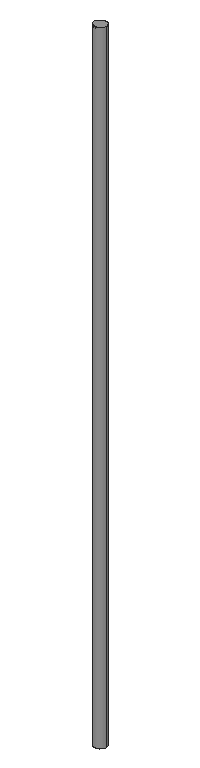
Revit family "KCPD_COC KHOAN NHOI", category Generic Models, Revit 2027
Family settings
  Can host rebar = No
  Round Connector Dimension = Use Diameter
  Part Type = Normal
  Work Plane-Based = No
  Always vertical = Yes
  Cut with Voids When Loaded = No
  Maintain Annotation Orientation = No
  Shared = No
  Room Calculation Point = No
Parameters
  Đơn vị = "CỌC"
  Tọa độ Y(m) [instance] = 0
  Tọa độ X(m) [instance] = 0
  Tên nhóm cấu kiện [instance] = ""
  Tên cấu kiện [instance] = ""
  Tên công trình [instance] = ""
  Thời gian kết thúc [instance] = ""
  Thời gian bắt đầu [instance] = ""
  Sức chịu tải cọc theo đất nền (kN) [instance] = ""
  Sức chịu tải cọc theo thiết kế (kN) [instance] = ""
  RebarVolumn [instance] = ""
  Nhóm cấu kiện = "CỌC"
  Mô tả [instance] = ""
  Model Material = none
  Loại cọc (Đại trà/thử) [instance] = ""
  Loại cấu kiện = "CỌC KHOAN NHỒI"
  Loại bê tông = "C30"
  Kích thước tim [instance] = 600 mm
  Khối lượng đập đầu cọc [instance] = 0.00 m³
  Khối lượng vữa lấp lòng ống siêu âm [instance] = 0.00 m³
  Khối lượng bê tông [instance] = 0.00 m³
  Hạng mục = "KẾT CẤU PHẦN DƯỚI"
  Giá trị [instance] = ""
  Diện tích ván khuôn [instance] = 0.00 m²
  Default Elevation = 0 mm
  Cường độ chịu nén bê tông sau 28 ngày (MPa) [instance] = ""
  Công trình = "CẦU"
  Cao độ đỉnh cọc (m) [instance] = ""
  Cao độ đáy cọc (m) [instance] = ""
  CKN_L = 62000 mm
  CKN_Dia = 1200 mm
Reference planes
  plane 1 "Center (Front/Back)": y = 0
  plane 2: z = 0
  plane 3 "Center (Left/Right)": x = 0
  plane 4: z = 150
  plane 5: z = -62000
Forms (mm)
  Extrusion 1, solid, material "Default"
    sketch origin (0, 0, 0) x (1, 0, 0) y (0, 1, 0)
      loop
        circle (0, 0) r 600
    from -62000 to 150
Dimensions and locks
  locked: plane 2 to plane 4 at 150
  "CKN_L": level to plane 5
  "CKN_Dia": diameter of Extrusion 1 sketch curve
  aligned and locked: level to plane 2
  aligned and locked: plane 4 to Extrusion 1
  aligned and locked: plane 5 to Extrusion 1
Automatic sketch dimensions
  plane 1 "Center (Front/Back)" to Extrusion 1 sketch curve = 0 mm
  Extrusion 1 sketch curve to plane 3 "Center (Left/Right)" = 0 mm
Nested families
  nested 1: "Family8" at (0, 0, 0), B <- "Kích thước tim", type "Family8"
    with B 600 mm
Definition of nested family "Family8"
  Parameters (values of type "Family8")
    B [instance] = 50 mm
  Reference planes
    plane 1 "Center (Front/Back)": y = 0
    plane 2: z = 0
    plane 3 "Center (Left/Right)": x = 0
    plane 4: y = 25
    plane 5: y = -25
    plane 6: x = -25
    plane 7: x = 25
  Lines and regions (mm)
    Filled region 1, type "Solid Fill - Black", in view "Ref. Level"
      outline origin (0, 0, 0) x (1, 0, 0) y (0, 1, 0)
        loop
          arc (0, 25) -> (-17.678, 17.678) -> (-25, 0) r 25
          line (-25, 0) -> (0, 0) -> (0, 25)
    Filled region 2, type "Solid Fill - Black", in view "Ref. Level"
      outline origin (0, 0, 0) x (1, 0, 0) y (0, 1, 0)
        loop
          arc (0, -25) -> (17.678, -17.678) -> (25, 0) r 25
          line (25, 0) -> (0, 0) -> (0, -25)
    detail lines, in view "Ref. Level"
      curve 1: circle (0, 0, 0) r 25 normal (0, 0, 1)
  Dimensions and locks
    equal spacing: plane 6, plane 3 "Center (Left/Right)", plane 7
    equal spacing: plane 4, plane 1 "Center (Front/Back)", plane 5
    "B": plane 4 to plane 5
    "B": plane 6 to plane 7
    "B": diameter of Filled region 1 sketch curve
    "B": diameter of Filled region 2 sketch curve
    "B": diameter of curve 1
    aligned and locked: Filled region 1 sketch curve to plane 3 "Center (Left/Right)"
    aligned and locked: Filled region 1 sketch curve to plane 1 "Center (Front/Back)"
    aligned and locked: Filled region 2 sketch curve to plane 3 "Center (Left/Right)"
    aligned and locked: plane 1 "Center (Front/Back)" to Filled region 2 sketch curve
  Automatic sketch dimensions
    plane 1 "Center (Front/Back)" to curve 1 = 0 mm
    curve 1 to plane 3 "Center (Left/Right)" = 0 mm
    Filled region 1 sketch curve to plane 6 = 0 mm
    Filled region 2 sketch curve to plane 5 = 0 mm
